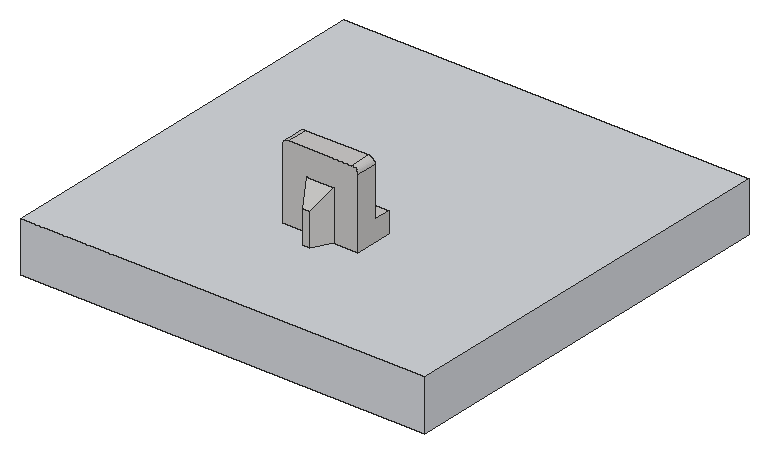
Revit family
Parameters (values of type "1652-ADA-1")
  URL = "http://www.acornengineering.com"
  Type Comments = "Penal Ware 1652 Series"
  TH-Single towel hook on left or right = no
  TH-Double towel hook on left or right = no
  TG-12 gauge (2.77mm) cabinet = no
  TF-Transformer for up to 12 solenoids = no
  TB-Toothbrush holder (left or right) = no
  SW-Galvanized steel wall sleeve for fixture mounting = no
  PBH-Hemispherical pushbutton = no
  OF-Lavatory overflow = no
  Model = "1652-ADA-1"
  Manufacturer = "Acorn Engineering"
  MT-Metal template = no
  MA-Manifolded valve (2,3,4) = no
  LWE-Lavy waste 3" (76mm) standard extension (specify length beyond fixture) = no
  LW1-Lavy through wall-extension with P-Trap = no
  LF-Lav-filler = no
  FMT-Fixture mounted trim = no
  EG-Enviro-glaze = no
  Designed By = "ATS BIM Team"
  Description = "18\" Lavatory with Oval Bowl - ADA Compliant"
  Default Elevation = 4' - 0"
  DMB-BP-deck mounted penal bubbler = no
  DMB-BC-deck mounted code bubbler = no
  Copyrighted By = "ATS"
  BPH-hemispherical penal bubbler = no
  BP-Bubbler, Penal = no
  BC-Bubbler, Code = no
  Assembly Code = ""
  03-M-Single Temperature Air-Control, 1.9 LPM (0.5 GPM) flow control = no
Reference planes (in)
  plane 1 "Center (Front/Back)": y = 0
  plane 2: z = 0
  plane 3 "Center (Left/Right)": x = 0
  plane 4: y = -48
  plane 5: y = -14
Forms (in)
  Extrusion 1, solid
    sketch origin (0, 0, 0) x (1, 0, 0) y (0, 1, 0)
      loop
        line (-48, 48) -> (-48, -48) -> (48, -48) -> (48, 48) -> (-48, 48)
    from 0 to -12
  Extrusion 2, solid, material "Type 304 Stainless Steel"
    sketch origin (0, -19, 0) x (1, 0, 0) y (0, 0, -1)
      loop
        line (-9, 0) -> (-9, -16.5)
        arc (-9, -16.5) -> (-8.56066, -17.56066) -> (-7.5, -18) r 1.5
        line (-7.5, -18) -> (7.5, -18)
        arc (7.5, -18) -> (8.56066, -17.56066) -> (9, -16.5) r 1.5
        line (9, -16.5) -> (9, 0) -> (-9, 0)
    from 0 to 5
  Extrusion 3, solid, material "Type 304 Stainless Steel"
    sketch origin (-9, -14, 60) x (-1, 0, 0) y (0, 0, 1)
      loop
        line (0, -60) -> (0, -55) -> (-18, -55) -> (-18, -60) -> (0, -60)
    from 0 to 4
  Extrusion 4, solid, material "Type 304 Stainless Steel"
    sketch origin (0, -19, 0) x (0, 0, -1) y (0, 1, 0)
      loop
        line (-11.805, 0) -> (-7.641, -4.164) -> (0, -4.164) -> (0, 0) -> (-11.805, 0)
    from -3.20138 to 3.20138
  Extrusion 5, void
    sketch origin (0, -19, 0) x (1, 0, 0) y (0, 1, 0)
      loop
        line (-0.79844, -4.164) -> (-3.20138, -0.002) -> (-3.20138, -4.164) -> (-0.79844, -4.164)
      loop
        line (3.20138, -0.002) -> (0.79844, -4.164) -> (3.20138, -4.164) -> (3.20138, -0.002)
    from 0 to 12
  Extrusion 6, void
    sketch origin (-9, -14, 60) x (1, 0, 0) y (0, 0, 1)
      loop
        circle (9, -49.98401) r 1
    from 4.7708 to 5.33232
  Blend 7, void
    base sketch origin (-9, -14, 60) x (1, 0, 0) y (0, 0, 1)
      loop
        circle (9, -50) r 0.97938
    top sketch origin (-9, -14, 60) x (1, 0, 0) y (0, 0, 1)
      loop
        arc (4.79521, -53.0081) -> (7.12261, -53.4907) -> (9.497, -53.60023) r 15.025
        arc (9.497, -53.60023) -> (11.36947, -53.42044) -> (13.20479, -53.0081) r 15.025
        arc (13.20479, -53.0081) -> (16.13488, -50.15909) -> (15.41919, -46.13541) r 4.3605
        arc (15.41919, -46.13541) -> (14.49649, -45.25759) -> (13.35951, -44.6838) r 4.3605
        arc (13.35951, -44.6838) -> (9, -43.97845) -> (4.64049, -44.6838) r 13.825
        arc (4.64049, -44.6838) -> (1.81634, -47.64669) -> (2.69237, -51.64508) r 4.3605
        arc (2.69237, -51.64508) -> (2.85975, -51.83101) -> (3.03752, -52.00704) r 4.3605
        arc (3.03752, -52.00704) -> (3.85751, -52.6109) -> (4.79521, -53.0081) r 4.3605
    from 4.7708 to 0
  Extrusion 8, void
    sketch origin (-9, -14, 60) x (1, 0, 0) y (0, 0, 1)
      loop
        line (3, -53.441) -> (3, -52.04455) -> (3.03752, -52.00704)
        arc (3.03752, -52.00704) -> (2.85975, -51.83101) -> (2.69237, -51.64508) r 4.3605
        line (2.69237, -51.64508) -> (2.64645, -51.691) -> (0.75, -51.691)
        arc (0.75, -51.691) -> (0.57322, -51.76422) -> (0.5, -51.941) r 0.25
        line (0.5, -51.941) -> (0.5, -53.441)
        arc (0.5, -53.441) -> (0.57322, -53.61778) -> (0.75, -53.691) r 0.25
        line (0.75, -53.691) -> (2.75, -53.691)
        arc (2.75, -53.691) -> (2.92678, -53.61778) -> (3, -53.441) r 0.25
    from 0 to 0.22582
  Extrusion 9, solid
    sketch origin (0, -48, -11) x (1, 0, 0) y (0, 1, 0)
      loop
        circle (0, 26.87958) r 0.75
    from 0 to 19.35492
Cuts and joins
  Extrusion 5, Extrusion 6, Blend 7, Extrusion 8 cuts Extrusion 2
  joined: Extrusion 2, Extrusion 3
  Extrusion 5 cuts Extrusion 4
  Extrusion 5 cuts Extrusion 9
Dimensions and locks (in)
  plane 4 to plane 5 = 2' - 10"
  aligned and locked: plane 2 to Extrusion 1
  aligned and locked: level to Extrusion 1
Connectors (in)
  piping at (0, -21.12042, -11)
    settings: on Extrusion 9, index 2
